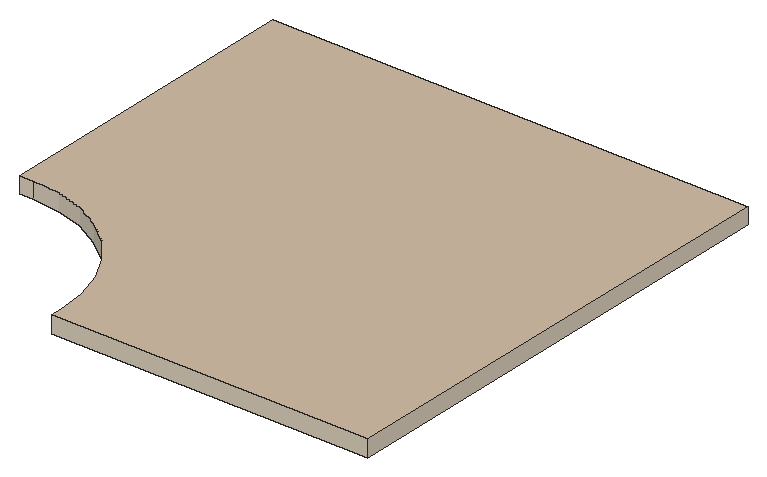
Revit family "eb0d357067df42259d7417eb592b2d09", category Furniture Systems, Revit 2021
Family settings
  Round Connector Dimension = Use Diameter
  Part Type = Normal
  OmniClass Number = 23.40.70.14.64.21
  OmniClass Title = Systems Furniture
  Work Plane-Based = No
  Always vertical = Yes
  Cut with Voids When Loaded = No
  Shared = No
  Room Calculation Point = No
Parameters (values of type "36" x 24"")
  Work Surface Material [instance] = Plastic Laminate - White Oak
  Type Comments = "36\" x 24\" Corner Concave Work Surface"
  Thickness = 1 1/4"
  Width = 36"
  Model = ""
  Manufacturer = ""
  Keynote = ""
  Height = 30"
  Edge Material [instance] = Plastic Laminate - Beige - Light - Smooth
  Description = ""
  Depth = 24"
  Default Elevation = 0"
Types (5): name | Type Comments | Width | Depth
  48" x 30" | "48\" x 30\" Corner Concave Work Surface" | 48" | 30"
  48" x 24" | "48\" x 24\" Corner Concave Work Surface" | 48" | 24"
  42" x 30" | "42\" x 30\" Corner Concave Work Surface" | 42" | 30"
  36" x 24" | "36\" x 24\" Corner Concave Work Surface" | 36" | 24"
  42" x 24" | "42\" x 24\" Corner Concave Work Surface" | 42" | 24"
Reference planes (in)
  plane 1 "Center F/B": y = 0
  plane 2: z = 0
  plane 3 "Center L/R": x = 0
  plane 4 "Right": x = 36
  plane 5 "Top": z = 30
  plane 6 "Bottom": z = 28.75
  plane 7 "Front": y = -36
  plane 8: x = 12
  plane 9: y = -24
Forms (in)
  Extrusion 1, solid, material "Plastic Laminate - White Oak" <- "Work Surface Material"
    sketch origin (0, 0, 0) x (1, 0, 0) y (0, 1, 0)
      loop
        line (0, 0) -> (0, -24) -> (1, -24)
        arc (1, -24) -> (8.77817, -27.22183) -> (12, -35) r 11
        line (12, -35) -> (12, -36) -> (36, -36) -> (36, 0) -> (0, 0)
    from 28.75 to 30
Lines and regions (in)
  Masking region 1
    outline origin (-40.96876, -32.55517, 0) x (1, 0, 0) y (0, 1, 0)
      loop
        line (40.96876, 32.55517) -> (40.96876, 8.55517) -> (41.96876, 8.55517)
        arc (41.96876, 8.55517) -> (49.74693, 5.33335) -> (52.96876, -2.44483) r 11
        line (52.96876, -2.44483) -> (52.96876, -3.44483) -> (76.96876, -3.44483) -> (76.96876, 32.55517) -> (40.96876, 32.55517)
Dimensions and locks (in)
  "Width": plane 3 "Center L/R" to plane 4 "Right"
  "Thickness": plane 5 "Top" to plane 6 "Bottom"
  "Width": plane 7 "Front" to plane 1 "Center F/B"
  "Depth": plane 1 "Center F/B" to plane 9
  "Depth": plane 8 to plane 4 "Right"
  locked: Extrusion 1 sketch curve to plane 8 at 11
  locked: plane 9 to Extrusion 1 sketch curve at 11
  "Height": plane 5 "Top" to plane 2
  radius of Extrusion 1 sketch curve = 11"
  aligned and locked: plane 1 "Center F/B" to Extrusion 1 sketch curve
  aligned and locked: plane 4 "Right" to Extrusion 1 sketch curve
  aligned and locked: plane 3 "Center L/R" to Extrusion 1 sketch curve
  aligned and locked: level to plane 2
  aligned and locked: plane 5 "Top" to Extrusion 1
  aligned and locked: plane 6 "Bottom" to Extrusion 1
  aligned: plane 1 "Center F/B" to Masking region 1 sketch curve  (x2)
  aligned and locked: plane 7 "Front" to Extrusion 1 sketch curve
  aligned: plane 4 "Right" to Masking region 1 sketch curve
  aligned and locked: plane 1 "Center F/B" to Masking region 1 sketch curve
  aligned and locked: plane 4 "Right" to Masking region 1 sketch curve
  aligned and locked: plane 3 "Center L/R" to Masking region 1 sketch curve
  aligned and locked: Masking region 1 sketch curve to plane 7 "Front"
  aligned and locked: plane 8 to Masking region 1 sketch curve
  aligned and locked: Masking region 1 sketch curve to Extrusion 1  (x2)
